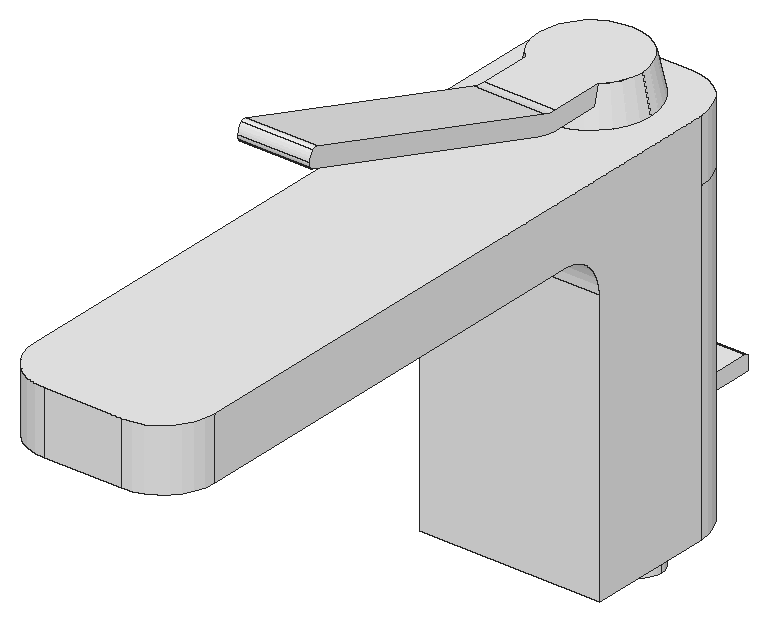
Revit family "Faucet_Contemporary_Kiwami-Renesse_TL170SD_TOTO", category Plumbing Fixtures, Revit 2013
Parameters
  ecoScorecard_data = " "
  ecoScorecard Product Page = "  "
  Width = 1 3/4"  # constant formula
  Waste Connection = no
  Warranty URL = "http://www.totousa.com/warranty-registration"
  Warranty = "Lifetime Limited Warranty (Residential Use); One Year Limited (Commercial Use)"  # constant formula
  WFU = 0
  Voltage = 0 V
  Vent Connection = yes
  URL = "http://www.totousa.com"
  Toto BIM Number = "BM-00104"  # constant formula
  Subcategory = "Faucets"  # constant formula
  Style = "Contemporary"  # constant formula
  Spec Sheet URL = "http://assets.totousa.com/product-files/SS-00052_TL170SD.pdf"
  Sink Holes Applications = ""
  Shipping Weight = 8.00 lbf
  Series = "Kiwami Renesse"  # constant formula
  Product Page URL = " "
  Parts Manual URL = " "
  Owners Manual URL = "  "
  Number of Poles = 1
  Model = "TL170SD"  # constant formula
  Manufacturer Toll Free Phone = "1-888-295-8134"  # constant formula
  Manufacturer Phone = "(770) 282-8686 "  # constant formula
  Manufacturer Fax = "(770) 282-0002"  # constant formula
  Manufacturer Email = "mailto:custservice@totousa.com "
  Manufacturer Address = "1155 Southern Road, Morrow, Georgia 30260"  # constant formula
  Manufacturer = "TOTO USA, Inc."  # constant formula
  Installation URL = " "
  Hot Water Connection NPT Radius = 3/16"
  Height = 5"  # constant formula
  HWFU = 0
  HW Connection = yes
  Frequency = 0 Hz
  Flow Rate = 0 GPM
  Flow Pressure = 0.00 psi
  Finish = Metal - TOTO - Chrome - Polished
  Description = "Single-Handle Lavatory Faucet"  # constant formula
  Depth = 7 27/32"  # constant formula
  Default Elevation = 48"
  Current = 0 A
  Cost Info = "mailto:custservice@totousa.com "
  Color Availability = "#CP Polished Chrome"  # constant formula
  Cold Water Connection NPT Radius = 3/16"
  CWFU = 0
  CW Connection = yes
  CAD Drawing URL = "http://assets.totousa.com/product-files/AD-00305_TL170SD.dxf"
  Assembly Code = "D2010"
  Apparent Power = 0 VA
  ADA Compliant = yes
  95 CSI = "15416"
  04 CSI = "22 41 39"
Reference planes (in)
  plane 1 "Center (Front/Back)": y = 0
  plane 2: z = 0
  plane 3 "Center (Left/Right)": x = 0
  plane 4: x = -0.875
  plane 5: x = 0.875
  plane 6: y = 1.6875
  plane 7: z = 3.6875
  plane 8: z = 5
  plane 9: y = -6.15625
  plane 10: x = -0.5
  plane 11: x = 0.5
Dimensions and locks (in)
  plane 5 to plane 3 "Center (Left/Right)" = 7/8"
  "Height": plane 8 to plane 2
  "Width": plane 4 to plane 5
  equal spacing: plane 4, plane 3 "Center (Left/Right)", plane 5
  "Depth": plane 9 to plane 6
  locked: plane 7 to plane 2 at 3.6875
Nested families (in)
  nested 1: "TL170SD" at (0, 0, 0), type "TL170SD"
Connectors (in)
  piping at (-0.5, 0, -0.25), driven by "Hot Water Connection NPT Radius"
    settings: on nested 1, index 1, connector radius 3/16", flow factor 0, pipe flow 0 GPM, pressure drop 0.00 psi, fitting loss kfactor 0, connector angle 0.00°, fixture units 0, engagement length 0", flow configuration 0, flow direction 1, fitting loss method 0, system type 19, joint type 0, gender type 0, connector reference index -1, connector utility 0, adjustable connector no, is connector primary yes, fitting loss table "", connector description "Hot Water Inlet Connection"
  piping at (0.5, 0, -0.25), driven by "Cold Water Connection NPT Radius"
    settings: on nested 1, index 2, connector radius 3/16", flow factor 0, pipe flow 0 GPM, pressure drop 0.00 psi, fitting loss kfactor 0, connector angle 0.00°, fixture units 0, engagement length 0", flow configuration 0, flow direction 1, fitting loss method 0, system type 20, joint type 0, gender type 0, connector reference index -1, connector utility 0, adjustable connector no, is connector primary no, fitting loss table "", connector description "Cold Water Inlet Connection"
Definition of nested family "TL170SD"
  Parameters (values of type "TL170SD")
    ecoScorecard_data = ""
    ecoScorecard Product Page = ""
    Width = 1 3/4"  # constant formula
    Water Connection Radius = 3/16"
    Waste Connection Radius = 0"
    Waste Connection = no
    Warranty URL = "http://www.totousa.com/Support/WarrantyInformation.aspx"
    Warranty = "Lifetime Limited Warranty (Residential Use); One Year Limited (Commercial Use)"  # constant formula
    WFU = 0
    Voltage = 0 V
    Vent Connection = yes
    URL = "http://www.totousa.com"
    Toto BIM Number = "BM-00104"  # constant formula
    Subcategory = "Faucets"  # constant formula
    Style = "Contemporary"  # constant formula
    Spec Sheet URL = "http://www.totousa.com/Portals/0/ProductDownloads/SS-00052_TL170SD.pdf"
    Sink Holes Applications = ""
    Shipping Weight = 8.00 lbf
    Series = "Kiwami Renesse"  # constant formula
    Sensor Detection Time = ""
    Sensor Detection Range = ""
    Sensor Activation Time = ""
    Product Page URL = "http://www.totousa.com/ProductDetail.aspx?ProductID=347"
    Product Line = ""
    Parts Manual URL = ""
    Owners Manual URL = "http://www.totousa.com/Portals/0/ProductDownloads/0GU4111_SINGLE_HANDLE_LAV_FAUCET_IM_OM_WEB.pdf"
    Number of Poles = 1
    Mount Type = ""
    Model = "TL170SD"  # constant formula
    Method of Operation = ""
    Manufacturer Toll Free Phone = "1-888-295-8134"  # constant formula
    Manufacturer Phone = "(770) 282-8686 "  # constant formula
    Manufacturer Fax = "(770) 282-0002"  # constant formula
    Manufacturer Email = "mailto:custservice@totousa.com "
    Manufacturer Address = "1155 Southern Road, Morrow, Georgia 30260"  # constant formula
    Manufacturer = "TOTO USA, Inc."  # constant formula
    Installation URL = ""
    Industry Standards = ""
    Hot Water Connection NPT Radius = 3/16"
    Height = 5"  # constant formula
    HWFU = 0
    HW Connection = yes
    Frequency = 0 Hz
    Flow Rate = 0 GPM
    Flow Pressure = 0.00 psi
    Finish = none
    Description = "Single-Handle Lavatory Faucet"  # constant formula
    Depth = 7 27/32"  # constant formula
    Current = 0 A
    Cost Info = "mailto:custservice@totousa.com "
    Color Availability = "#CP Polished Chrome"  # constant formula
    CWFU = 0
    CW Connection = yes
    CAD Drawing URL = "http://www.totousa.com/Portals/0/ProductDownloads/AD-00305_TL170SD.dxf"
    Assembly Code = "D2010900"
    Apparent Power = 0 VA
    Ambient Temperature = ""
    ADA Compliant = yes
    95 CSI = ""
    04 CSI = ""
  Reference planes (in)
    plane 1 "Center (Front/Back)": y = 0
    plane 2: z = 0
    plane 3 "Center (Left/Right)": x = 0
    plane 4: x = -0.875
    plane 5: x = 0.875
    plane 6: y = 1.6875
    plane 7: y = -5.32905
    plane 8: z = 3.6875
    plane 9: z = 5
    plane 10: y = -6.15625
    plane 11: x = -0.5
    plane 12: x = 0.5
  Forms (in)
    Extrusion 1, solid, material <- "Finish"
      sketch origin (0, 0, 0) x (0, 1, 0) y (0, 0, 1)
        loop
          line (0.74772, 0) -> (0.74772, 3.08181) -> (-1.39994, 3.08181)
          arc (-1.39994, 3.08181) -> (-1.10578, 2.95997) -> (-0.98393, 2.6658) r 0.41601
          line (-0.98393, 2.6658) -> (-0.98393, 0) -> (0.74772, 0)
      from -0.875 to 0.875
    Extrusion 2, solid, material <- "Finish"
      sketch origin (0, 0.02345, 0) x (1, 0, 0) y (0, 1, 0)
        loop
          circle (0, -5.3525) r 0.5
      from 3.22613 to 3.08181
    Extrusion 3, solid, material <- "Finish"
      sketch origin (-0.05085, 0, 0) x (0, 1, 0) y (0, 0, 1)
        loop
          line (-0.99738, 4.06062) -> (-3.76085, 4.99581)
          arc (-3.76085, 4.99581) -> (-3.7879, 4.99696) -> (-3.8113, 4.98337) r 0.04828
          arc (-3.8113, 4.98337) -> (-3.84015, 4.94107) -> (-3.85401, 4.89178) r 0.15856
          arc (-3.85401, 4.89178) -> (-3.85257, 4.8674) -> (-3.84303, 4.84492) r 0.0717
          arc (-3.84303, 4.84492) -> (-3.83073, 4.83146) -> (-3.81468, 4.82282) r 0.05451
          line (-3.81468, 4.82282) -> (-1.08133, 3.89781)
          arc (-1.08133, 3.89781) -> (-0.98838, 3.8746) -> (-0.89289, 3.86679) r 0.58786
          line (-0.89289, 3.86679) -> (-0.33825, 3.86628) -> (-0.30064, 4.03867) -> (-0.86403, 4.03867)
          arc (-0.86403, 4.03867) -> (-0.93161, 4.04419) -> (-0.99738, 4.06062) r 0.41599
      from -0.29061 to 0.40476
    Extrusion 4, solid, material <- "Finish"
      sketch origin (0, 0, 0) x (1, 0, 0) y (0, 1, 0)
        loop
          line (-0.875, 0.24772) -> (-0.875, -5.65625)
          arc (-0.875, -5.65625) -> (-0.72855, -6.0098) -> (-0.375, -6.15625) r 0.5
          line (-0.375, -6.15625) -> (0.375, -6.15625)
          arc (0.375, -6.15625) -> (0.72855, -6.0098) -> (0.875, -5.65625) r 0.5
          line (0.875, -5.65625) -> (0.875, 0.24772)
          arc (0.875, 0.24772) -> (0.72855, 0.60127) -> (0.375, 0.74772) r 0.5
          line (0.375, 0.74772) -> (-0.375, 0.74772)
          arc (-0.375, 0.74772) -> (-0.72855, 0.60127) -> (-0.875, 0.24772) r 0.5
      from 3.08181 to 3.6875
    Extrusion 5, void
      sketch origin (0, 0, 0) x (1, 0, 0) y (0, 1, 0)
        loop
          line (-0.375, 0.74772) -> (0.375, 0.74772)
          arc (0.375, 0.74772) -> (0.72855, 0.60127) -> (0.875, 0.24772) r 0.5
          line (0.875, 0.24772) -> (0.875, 0.79908) -> (-0.875, 0.79908) -> (-0.875, 0.24772)
          arc (-0.875, 0.24772) -> (-0.72855, 0.60127) -> (-0.375, 0.74772) r 0.5
      from 0 to 3.6875
    Extrusion 6, solid, material <- "Finish"
      sketch origin (0, 0, 0) x (0, 1, 0) y (0, 0, 1)
        loop
          arc (0.86584, 0.74162) -> (0.78984, 0.76853) -> (0.74772, 0.83727) r 0.12076
          line (0.74772, 0.83727) -> (0.74772, 0.49337)
          arc (0.74772, 0.49337) -> (0.79038, 0.56299) -> (0.86736, 0.59025) r 0.12231
          line (0.86736, 0.59025) -> (1.64947, 0.59025)
          arc (1.64947, 0.59025) -> (1.6693, 0.59313) -> (1.6875, 0.60152) r 0.06979
          line (1.6875, 0.60152) -> (1.6875, 0.73008)
          arc (1.6875, 0.73008) -> (1.66934, 0.73867) -> (1.64947, 0.74162) r 0.06842
          line (1.64947, 0.74162) -> (0.86584, 0.74162)
      from -0.17332 to 0.17825
    SweptBlend 7, solid, material <- "Finish"
      path origin (0, 0, 0) x (0, 1, 0) y (0, 0, 1)
        loop
          line (0, 4.03865) -> (0, 3.68257)
      profile origin (0, 0, 4.03865) x (1, 0, 0) y (0, 1, 0)
        loop
          circle (0, 0) r 0.5
      end profile origin (0, 0, 3.68257) x (1, 0, 0) y (0, 1, 0)
        loop
          circle (0, 0) r 0.57767
    Extrusion 8, solid, material <- "Finish", detail levels fine
      sketch origin (0, 0, 0) x (1, 0, 0) y (0, 1, 0)
        loop
          circle (0.5, 0) r 0.1875
        loop
          circle (-0.5, 0) r 0.1875
      from -0.25 to 0
    Extrusion 9, solid, material <- "Finish"
      sketch origin (0, 0, 0) x (1, 0, 0) y (0, 1, 0)
        loop
          circle (0, -5.32905) r 0.5
      from 2.87047 to 3.08181
  Cuts and joins
    Extrusion 5 cuts Extrusion 1
    Extrusion 5 cuts Extrusion 4
    joined: Extrusion 1, Extrusion 2, Extrusion 4, Extrusion 9
    Extrusion 5 cuts Extrusion 3
    joined: Extrusion 3, SweptBlend 7
  Dimensions and locks (in)
    plane 5 to plane 3 "Center (Left/Right)" = 7/8"
    "Height": plane 9 to plane 2
    plane 10 to plane 7 = 0.8272"
    "Width": plane 4 to plane 5
    equal spacing: plane 4, plane 3 "Center (Left/Right)", plane 5
    "Depth": plane 10 to plane 6
    locked: plane 8 to plane 2 at 3.6875
    locked: Extrusion 1 sketch curve to plane 8 at 0.60569  (x2)
    locked: Extrusion 1 sketch curve to plane 1 "Center (Front/Back)" at 0.74772
    locked: plane 1 "Center (Front/Back)" to Extrusion 1 sketch curve at 0.98393
    Extrusion 1 sketch curve to plane 9 = 1.91819"
    locked: Extrusion 4 sketch curve to plane 6 at 0.93978
    locked: Extrusion 4 sketch curve to plane 10 at 0
    locked: Extrusion 4 sketch curve to plane 4 at 0
    locked: Extrusion 4 sketch curve to plane 5 at 0
    Extrusion 4 sketch curve to plane 6 = 0.93978"
    Extrusion 3 sketch curve to plane 9 = 1.13372"
    Extrusion 3 sketch curve to plane 9 = 0.96133"
    locked: SweptBlend 7 sketch curve to plane 1 "Center (Front/Back)" at 0  (x2)
    locked: SweptBlend 7 sketch curve to plane 9 at 0.96135
    plane 6 to SweptBlend 7 sketch curve = 1 11/16"
    locked: SweptBlend 7 sketch curve to plane 9 at 1.31743
    locked: plane 1 "Center (Front/Back)" to SweptBlend 7 sketch curve at 0  (x2)
    locked: plane 3 "Center (Left/Right)" to SweptBlend 7 sketch curve at 0  (x2)
    locked: plane 2 to Extrusion 6 sketch curve at 0.59025
    locked: Extrusion 6 sketch curve to Extrusion 6 sketch curve at 0.15137
    locked: plane 6 to Extrusion 6 sketch curve at 0.93978
    locked: plane 6 to Extrusion 6 sketch curve at 0.82166
    locked: plane 6 to Extrusion 6 sketch curve at 0.82014
    locked: Extrusion 5 sketch curve to plane 6 at 0.88842
    locked: plane 1 "Center (Front/Back)" to Extrusion 5 sketch curve at 0.74772
    locked: Extrusion 5 sketch curve to plane 6 at 0.93978
    locked: plane 1 "Center (Front/Back)" to Extrusion 5 sketch curve at 0.24772  (x2)
    locked: cut or joined group of Extrusion 1, Extrusion 2, Extrusion 4, Extrusion 5, Extrusion 9 to cut or joined group of Extrusion 1, Extrusion 2, Extrusion 4, Extrusion 5, Extrusion 9 at 0.14431
    locked: plane 7 to Extrusion 2 sketch curve at 0
    locked: plane 3 "Center (Left/Right)" to Extrusion 2 sketch curve at 0
    locked: plane 8 to cut or joined group of Extrusion 1, Extrusion 2, Extrusion 4, Extrusion 5, Extrusion 9 at 0.60569
    locked: plane 2 to Extrusion 8 at 0.25  (x2)
    locked: plane 12 to Extrusion 8 sketch curve at 0
    locked: plane 1 "Center (Front/Back)" to Extrusion 8 sketch curve at 0  (x2)
    locked: plane 11 to Extrusion 8 sketch curve at 0
    Extrusion 6 sketch curve to plane 8 = 2.94588"
    locked: Extrusion 6 sketch curve to plane 8 at 2.85023
    locked: Extrusion 6 sketch curve to plane 2 at 0.49337
    plane 2 to Extrusion 6 sketch curve = 0.59025"
    plane 8 to Extrusion 6 sketch curve = 2.94588"
    locked: Extrusion 6 to plane 3 "Center (Left/Right)" at 0.17332
    locked: Extrusion 6 to plane 3 "Center (Left/Right)" at 0.17825
    locked: plane 3 "Center (Left/Right)" to Extrusion 9 sketch curve at 0
    locked: plane 7 to Extrusion 9 sketch curve at 0
    locked: Extrusion 9 to plane 8 at 0.81703
    Extrusion 3 sketch curve to Extrusion 3 sketch curve to Extrusion 3 sketch curve to Extrusion 3 sketch curve to Extrusion 3 sketch curve to Extrusion 3 sketch curve to Extrusion 3 sketch curve = 0.00051" locked, 0.03102" locked, 0.14085" locked, 0" locked, 0.78415" locked, 0.173" locked
    plane 1 "Center (Front/Back)" to Extrusion 3 sketch curve to Extrusion 3 sketch curve to Extrusion 3 sketch curve to Extrusion 3 sketch curve to Extrusion 3 sketch curve to Extrusion 3 sketch curve to Extrusion 3 sketch curve to Extrusion 3 sketch curve = 0.30064" locked, 0.0376" locked, 0.52579" locked, 0.02886" locked, 0.10449" locked, 0.08395" locked, 2.67952" locked, 0.05383" locked
    cut or joined group of Extrusion 3, Extrusion 5, SweptBlend 7 to plane 3 "Center (Left/Right)" to cut or joined group of Extrusion 3, Extrusion 5, SweptBlend 7 = 0.34145" locked, 0.35391" locked
    locked: plane 3 "Center (Left/Right)" to cut or joined group of Extrusion 3, Extrusion 5, SweptBlend 7 at 0.35391
    "Water Connection Radius": radius of Extrusion 8 sketch curve
    "Hot Water Connection NPT Radius": radius of Extrusion 8 sketch curve
    aligned and locked: cut or joined group of Extrusion 1, Extrusion 2, Extrusion 4, Extrusion 5, Extrusion 9 to plane 4  (x2)
    aligned and locked: cut or joined group of Extrusion 1, Extrusion 2, Extrusion 4, Extrusion 5, Extrusion 9 to plane 5  (x2)
    aligned and locked: cut or joined group of Extrusion 1, Extrusion 2, Extrusion 4, Extrusion 5, Extrusion 9 to plane 2  (x2)
    aligned and locked: cut or joined group of Extrusion 1, Extrusion 2, Extrusion 4, Extrusion 5, Extrusion 9 to plane 8  (x2)
    aligned and locked: plane 4 to cut or joined group of Extrusion 1, Extrusion 2, Extrusion 4, Extrusion 5, Extrusion 9
    aligned and locked: plane 5 to cut or joined group of Extrusion 1, Extrusion 2, Extrusion 4, Extrusion 5, Extrusion 9  (x2)
    aligned and locked: plane 8 to cut or joined group of Extrusion 1, Extrusion 2, Extrusion 4, Extrusion 5, Extrusion 9  (x2)
    aligned: cut or joined group of Extrusion 1, Extrusion 2, Extrusion 4, Extrusion 5, Extrusion 9 to plane 6
    aligned: plane 6 to cut or joined group of Extrusion 1, Extrusion 2, Extrusion 4, Extrusion 5, Extrusion 9
    aligned and locked: plane 10 to cut or joined group of Extrusion 1, Extrusion 2, Extrusion 4, Extrusion 5, Extrusion 9
    aligned and locked: Extrusion 1 sketch curve to plane 2
    aligned and locked: plane 6 to Extrusion 6 sketch curve
    aligned and locked: plane 4 to Extrusion 5 sketch curve
    aligned and locked: Extrusion 5 sketch curve to plane 5
    aligned and locked: Extrusion 1 to Extrusion 2
    aligned and locked: Extrusion 1 to plane 4
    aligned and locked: Extrusion 1 to plane 5
    aligned and locked: level to Extrusion 8
    aligned and locked: Extrusion 9 to cut or joined group of Extrusion 1, Extrusion 2, Extrusion 4, Extrusion 5, Extrusion 9
  Automatic sketch dimensions
    Extrusion 1 sketch curve to Extrusion 1 sketch curve = 0.41601"
    Extrusion 4 sketch curve to plane 3 "Center (Left/Right)" = 3/8"  (x2)
    plane 3 "Center (Left/Right)" to Extrusion 4 sketch curve = 3/8"
    Extrusion 4 sketch curve to plane 1 "Center (Front/Back)" = 0.24772"
    plane 6 to Extrusion 6 sketch curve = 0.03803"  (x2)
    Extrusion 6 sketch curve to Extrusion 6 sketch curve = 0.01127"
    Extrusion 6 sketch curve to Extrusion 6 sketch curve = 0.01315"
    Extrusion 3 sketch curve to Extrusion 3 sketch curve = 0"  (x4)
    Extrusion 3 sketch curve to Extrusion 3 sketch curve = 0.01098"
    Extrusion 3 sketch curve to Extrusion 3 sketch curve = 0.02834"
    plane 9 to Extrusion 3 sketch curve = 0.01663"
    Extrusion 3 sketch curve to Extrusion 3 sketch curve = 0.01747"
    Extrusion 3 sketch curve to Extrusion 3 sketch curve = 0.01445"
    Extrusion 3 sketch curve to Extrusion 3 sketch curve = 0.03497"
    Extrusion 3 sketch curve to Extrusion 3 sketch curve = 0.01548"
    Extrusion 3 sketch curve to Extrusion 3 sketch curve = 0.02195"
    radius of Extrusion 2 sketch curve = 1/2"
    radius of SweptBlend 7 sketch curve = 1/2"
    radius of SweptBlend 7 sketch curve = 0.57767"
    radius of Extrusion 9 sketch curve = 1/2"
